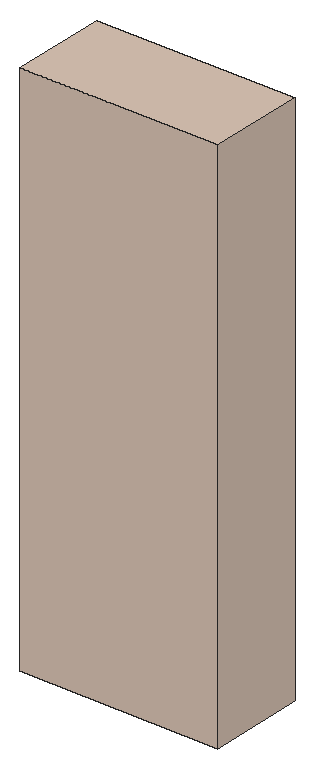
Revit family "Niche_NobleCompany_304_305", category Generic Models, host Wall, Revit 2017
Family settings
  Host = Wall
  Can host rebar = No
  Round Connector Dimension = Use Diameter
  Part Type = Normal
  Always vertical = Yes
  Cut with Voids When Loaded = No
  Shared = No
  Room Calculation Point = No
Parameters (values of type "305 Narrow Combo")
  Width = 0' - 8 1/4"
  URL = "www.noblecompany.com"
  Specification = ""
  Sales Information = "http://noblecompany.com/contact/"
  Revision = "R1_09-2016"
  Product Properties = "http://noblecompany.com/products/noble-niches"
  Product Data = "http://www.arcat.com/arcatcos/cos34/arc34489.html"
  Niche Material = Acrylic Polymer Finish
  Model = "305"
  Manufacturer Website = "www.noblecompany.com"
  Manufacturer Phone - Toll Free = "800-878-5788"
  Manufacturer Phone = "231-799-8000"
  Manufacturer Fax = "231-799-8850"
  Manufacturer Address = "P. O. Box 350, Grand Haven, MI 49417-0350"
  Manufacturer = "Noble Company"
  Keynote = "10 28 00"
  Installation-Fabrication = "http://noblecompany.com/storage/docs/resources/NN062016-13_Noble_Niche_Installation_Instruction.pdf"
  Instal Height [instance] = 5' - 0"
  Height = 1' - 10 1/2"
  Drawn By = "Sumex Design - Robert S Weygant"
  Description = "305 Narrow Combo Niche"
  Depth = 0' - 4"
  Copyright = "� 2016 ARCAT Inc."
  Construction Details = ""
  Assembly Code = "D2010700"
Types (2): name | Width | Model | Description
  304 Wide Combo | 1' - 2 1/4" | "304" | "304 Wide Combo Niche"
  305 Narrow Combo | 0' - 8 1/4" | "305" | "305 Narrow Combo Niche"
Reference planes (in)
  plane 1: y = 0
  plane 2 "Center (Left/Right)": x = 0
  plane 3 "Wall Edge": y = 3
  plane 4: x = -4.125
  plane 5: y = 3.125
  plane 6: y = -0.875
  plane 7: x = 4.125
  plane 8: z = 60
  plane 9: z = 37.5
  plane 10: x = -3
  plane 11: x = 3
  plane 12: y = -0.375
  plane 13: z = 38.625
  plane 14: z = 44.625
  plane 15: z = 46.875
  plane 16: z = 58.875
Forms (in)
  Extrusion 1, void
    sketch origin (0, 0, 0) x (1, 0, 0) y (0, 1, 0)
      loop
        line (-4.125, 3.125) -> (-4.125, -0.875) -> (4.125, -0.875) -> (4.125, 3.125) -> (-4.125, 3.125)
    from 37.5 to 60
  Extrusion 2, solid, material "Acrylic Polymer Finish" <- "Niche Material"
    sketch origin (0, 0, 0) x (1, 0, 0) y (0, 1, 0)
      loop
        line (-4.125, 3.125) -> (-4.125, -0.875) -> (4.125, -0.875) -> (4.125, 3.125) -> (-4.125, 3.125)
    from 37.5 to 60
  Extrusion 3, void
    sketch origin (0, 3, 0) x (1, 0, 0) y (0, 0, 1)
      loop
        line (3, 58.875) -> (-3, 58.875) -> (-3, 46.875) -> (3, 46.875) -> (3, 58.875)
      loop
        line (3, 44.625) -> (-3, 44.625) -> (-3, 38.625) -> (3, 38.625) -> (3, 44.625)
    from -0.125 to 3.375
Cuts and joins
  Extrusion 3 cuts Extrusion 2
Text (in)
  text "Placement Side" at (0, 40.15149, 123.01588), in view "Right"
  text "Placement Side" at (-105.78919, 39.84311, 0), in view "Ref. Level"
  text "Placement Side" at (0, 81.62555, 140.59947), in view "Left"
Dimensions and locks (in)
  locked: plane 3 "Wall Edge" to host wall
  equal spacing: plane 4, plane 2 "Center (Left/Right)", plane 7
  "Width": plane 4 to plane 7
  "Depth": plane 5 to plane 6
  locked: plane 5 to plane 3 "Wall Edge" at 0.125
  "Height": plane 9 to plane 8
  "Instal Height": level to plane 8
  locked: plane 12 to plane 6 at 0.5
  locked: plane 4 to plane 10 at 1.125
  locked: plane 11 to plane 7 at 1.125
  locked: plane 13 to plane 14 at 6
  locked: plane 15 to plane 16 at 12
  locked: plane 16 to plane 8 at 1.125
  locked: plane 9 to plane 13 at 1.125
  aligned and locked: Extrusion 1 sketch curve to plane 5
  aligned and locked: plane 4 to Extrusion 1 sketch curve
  aligned and locked: plane 6 to Extrusion 1 sketch curve
  aligned and locked: plane 7 to Extrusion 1 sketch curve
  aligned and locked: plane 8 to Extrusion 1
  aligned and locked: Extrusion 1 to plane 9
  aligned and locked: Extrusion 2 sketch curve to plane 5
  aligned and locked: plane 4 to Extrusion 2 sketch curve
  aligned and locked: plane 6 to Extrusion 2 sketch curve
  aligned and locked: plane 7 to Extrusion 2 sketch curve
  aligned and locked: plane 8 to Extrusion 2
  aligned and locked: Extrusion 2 to plane 9
  aligned and locked: plane 16 to Extrusion 3 sketch curve
  aligned and locked: plane 11 to Extrusion 3 sketch curve  (x2)
  aligned and locked: Extrusion 3 sketch curve to plane 15
  aligned and locked: plane 10 to Extrusion 3 sketch curve  (x2)
  aligned and locked: plane 14 to Extrusion 3 sketch curve
  aligned and locked: Extrusion 3 sketch curve to plane 13
  aligned and locked: Extrusion 3 to plane 12
  aligned and locked: plane 5 to Extrusion 3
